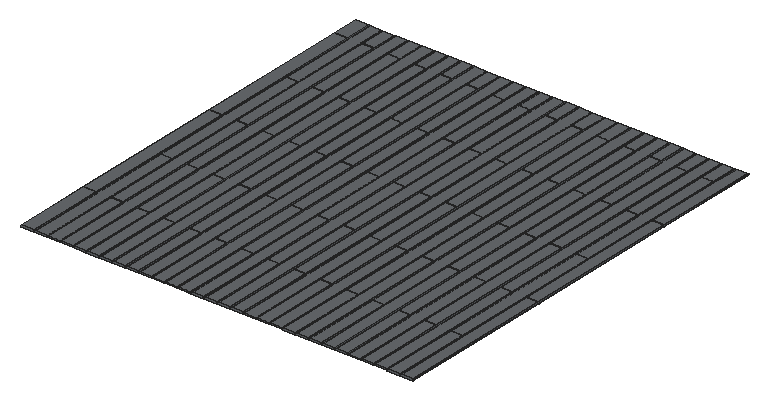
Revit family "2717-2, Veneer", category Generic Models, host Ceiling, Revit 2020
Family settings
  Host = Ceiling
  Can host rebar = No
  Round Connector Dimension = Use Diameter
  Part Type = Normal
  Always vertical = Yes
  Cut with Voids When Loaded = No
  Shared = No
  Room Calculation Point = No
Parameters
  OC SPACING [instance] = 0' - 6"  # constant formula
  PROJECT WIDTH [instance] = 15' - 0"
  PROJECT LENGTH [instance] = 16' - 0"
  PANELS COUNT 2 [instance] = rounddown((PROJECT LENGTH - .. MEMBER LENGTH 3) / .. MEMBER LENGTH 2)  # 2
  PANELS COUNT [instance] = rounddown(PROJECT LENGTH / .. MEMBER LENGTH 2)  # 2
  MEMBER WIDTH COUNT 2 [instance] = (PROJECT WIDTH / OC SPACING) / 2  # 15
  .. MEMBER WIDTH COUNT [instance] = (PROJECT WIDTH / OC SPACING) / 2  # 15
  .. MEMBER MATERIAL [instance] = 9WOOD WESTERN HEMLOCK
  .. MEMBER LENGTH 4 [instance] = ((PROJECT LENGTH - .. MEMBER LENGTH 3) - (PANELS COUNT 2 * .. MEMBER LENGTH 2))  # 1' - 0"
  .. MEMBER LENGTH 3 [instance] = .. MEMBER LENGTH 2 / 2  # 3' - 0"
  Default Elevation = 0' - 0"
  .. MEMBER WIDTH [instance] = OC SPACING + 0' 0 15/32"  # 0' - 6 15/32"
  .. MEMBER LENGTH 2 [instance] = 6' - 0"
  .. MEMBER LENGTH [instance] = PROJECT LENGTH - (PANELS COUNT * .. MEMBER LENGTH 2)  # 4' - 0"
  .. MEMBER DEPTH [instance] = 0' - 0 3/4"  # constant formula
Reference planes (in)
  plane 1 "Center (Front/Back)": y = 0
  plane 2 "Ceiling": z = 96
  plane 3 "Center (Left/Right)": x = 0
  plane 4: y = 72
  plane 5: y = 144
  plane 6: y = 108
  plane 7: y = 36
  plane 8: y = 192
  plane 9: y = 144
  plane 10: y = 180
  plane 11: x = 180
  plane 12: x = 6
Dimensions and locks (in)
  equal spacing: host sketch curve, plane 3 "Center (Left/Right)", host sketch curve
  equal spacing: host sketch curve, plane 1 "Center (Front/Back)", host sketch curve
  host sketch curve to host sketch curve = 10' - 0"  (x2)
  group 1 to group 2 = 0' - 0"  (x2)
  group 1 to group 2 = 6' - 0"
  ".. MEMBER LENGTH 2": plane 5 to plane 4
  ".. MEMBER LENGTH 2": plane 6 to plane 7
  "PROJECT LENGTH": plane 1 "Center (Front/Back)" to plane 8
  group 3 to group 4 = 0' - 0"  (x2)
  group 3 to group 4 = 6' - 0"
  ".. MEMBER LENGTH 3": plane 1 "Center (Front/Back)" to plane 7
  ".. MEMBER LENGTH 2": plane 1 "Center (Front/Back)" to plane 4
  ".. MEMBER LENGTH": plane 8 to plane 9
  ".. MEMBER LENGTH 4": plane 8 to plane 10
  "PROJECT WIDTH": plane 3 "Center (Left/Right)" to plane 11
  "OC SPACING": plane 3 "Center (Left/Right)" to plane 12
  aligned and locked: plane 1 "Center (Front/Back)" to nested 1
  aligned and locked: plane 4 to nested 2
  aligned and locked: nested 4 to plane 4
  aligned and locked: plane 7 to nested 3
  aligned and locked: plane 6 to nested 3
  aligned and locked: nested 6 to plane 6
  aligned and locked: nested 5 to plane 9
  aligned and locked: nested 7 to plane 10
  aligned and locked: plane 12 to nested 2
  aligned and locked: plane 12 to nested 4
  aligned and locked: plane 12 to nested 5
Nested families (in)
  nested 1: "(COPY 1) 2300 STAGGERED" at (0, 0, 85.44644), .. MEMBER DEPTH <- ".. MEMBER DEPTH", .. MEMBER WIDTH <- ".. MEMBER WIDTH", MEMBER LENGTH <- ".. MEMBER LENGTH 3", REVEAL <- "OC SPACING", MEMBER 1 COUNT <- ".. MEMBER WIDTH COUNT", .. MEMBER MATERIAL <- ".. MEMBER MATERIAL", type "(COPY 1) 2300 STAGGERED"
    with REVEAL X2 1' - 0", REVEAL 0' - 6", MEMBER LENGTH 2 1' - 6", MEMBER LENGTH 3' - 0", MEMBER COUNT 2 5, MEMBER 1 COUNT 15, INDENT 0' - 0 5/8", .. MEMBER WIDTH 0' - 6 15/32", .. MEMBER MATERIAL 9WOOD WESTERN HEMLOCK, .. MEMBER DEPTH 0' - 0 3/4"
  nested 2: "(COPY 1) 2300 STAGGERED" at (6, 0, 85.44644), .. MEMBER DEPTH <- ".. MEMBER DEPTH", .. MEMBER WIDTH <- ".. MEMBER WIDTH", MEMBER LENGTH <- ".. MEMBER LENGTH 2", MEMBER 1 COUNT <- "MEMBER WIDTH COUNT 2", REVEAL <- "OC SPACING", .. MEMBER MATERIAL <- ".. MEMBER MATERIAL", type "(COPY 1) 2300 STAGGERED"
    with REVEAL X2 1' - 0", REVEAL 0' - 6", MEMBER LENGTH 2 3' - 0", MEMBER LENGTH 6' - 0", MEMBER COUNT 2 5, MEMBER 1 COUNT 15, INDENT 0' - 0 5/8", .. MEMBER WIDTH 0' - 6 15/32", .. MEMBER MATERIAL 9WOOD WESTERN HEMLOCK, .. MEMBER DEPTH 0' - 0 3/4"
  nested 3: "(COPY 1) 2300 STAGGERED" at (0, 36, 85.44644), .. MEMBER DEPTH <- ".. MEMBER DEPTH", .. MEMBER WIDTH <- ".. MEMBER WIDTH", MEMBER LENGTH <- ".. MEMBER LENGTH 2", MEMBER 1 COUNT <- ".. MEMBER WIDTH COUNT", REVEAL <- "OC SPACING", .. MEMBER MATERIAL <- ".. MEMBER MATERIAL", type "(COPY 1) 2300 STAGGERED"
    with REVEAL X2 1' - 0", REVEAL 0' - 6", MEMBER LENGTH 2 3' - 0", MEMBER LENGTH 6' - 0", MEMBER COUNT 2 5, MEMBER 1 COUNT 15, INDENT 0' - 0 5/8", .. MEMBER WIDTH 0' - 6 15/32", .. MEMBER MATERIAL 9WOOD WESTERN HEMLOCK, .. MEMBER DEPTH 0' - 0 3/4"
  nested 4: "(COPY 1) 2300 STAGGERED" at (6, 72, 85.44644), .. MEMBER DEPTH <- ".. MEMBER DEPTH", .. MEMBER WIDTH <- ".. MEMBER WIDTH", MEMBER LENGTH <- ".. MEMBER LENGTH 2", MEMBER 1 COUNT <- "MEMBER WIDTH COUNT 2", REVEAL <- "OC SPACING", .. MEMBER MATERIAL <- ".. MEMBER MATERIAL", type "(COPY 1) 2300 STAGGERED"
    with REVEAL X2 1' - 0", REVEAL 0' - 6", MEMBER LENGTH 2 3' - 0", MEMBER LENGTH 6' - 0", MEMBER COUNT 2 5, MEMBER 1 COUNT 15, INDENT 0' - 0 5/8", .. MEMBER WIDTH 0' - 6 15/32", .. MEMBER MATERIAL 9WOOD WESTERN HEMLOCK, .. MEMBER DEPTH 0' - 0 3/4"
  nested 5: "(COPY 1) 2300 STAGGERED" at (6, 144, 85.44644), .. MEMBER DEPTH <- ".. MEMBER DEPTH", .. MEMBER WIDTH <- ".. MEMBER WIDTH", MEMBER LENGTH <- ".. MEMBER LENGTH", REVEAL <- "OC SPACING", MEMBER 1 COUNT <- "MEMBER WIDTH COUNT 2", .. MEMBER MATERIAL <- ".. MEMBER MATERIAL", type "(COPY 1) 2300 STAGGERED"
    with REVEAL X2 1' - 0", REVEAL 0' - 6", MEMBER LENGTH 2 2' - 0", MEMBER LENGTH 4' - 0", MEMBER COUNT 2 5, MEMBER 1 COUNT 15, INDENT 0' - 0 5/8", .. MEMBER WIDTH 0' - 6 15/32", .. MEMBER MATERIAL 9WOOD WESTERN HEMLOCK, .. MEMBER DEPTH 0' - 0 3/4"
  nested 6: "(COPY 1) 2300 STAGGERED" at (0, 108, 85.44644), .. MEMBER DEPTH <- ".. MEMBER DEPTH", .. MEMBER WIDTH <- ".. MEMBER WIDTH", MEMBER LENGTH <- ".. MEMBER LENGTH 2", MEMBER 1 COUNT <- ".. MEMBER WIDTH COUNT", REVEAL <- "OC SPACING", .. MEMBER MATERIAL <- ".. MEMBER MATERIAL", type "(COPY 1) 2300 STAGGERED"
    with REVEAL X2 1' - 0", REVEAL 0' - 6", MEMBER LENGTH 2 3' - 0", MEMBER LENGTH 6' - 0", MEMBER COUNT 2 5, MEMBER 1 COUNT 15, INDENT 0' - 0 5/8", .. MEMBER WIDTH 0' - 6 15/32", .. MEMBER MATERIAL 9WOOD WESTERN HEMLOCK, .. MEMBER DEPTH 0' - 0 3/4"
  nested 7: "(COPY 1) 2300 STAGGERED" at (0, 180, 85.44644), .. MEMBER DEPTH <- ".. MEMBER DEPTH", .. MEMBER WIDTH <- ".. MEMBER WIDTH", MEMBER LENGTH <- ".. MEMBER LENGTH 4", REVEAL <- "OC SPACING", MEMBER 1 COUNT <- ".. MEMBER WIDTH COUNT", .. MEMBER MATERIAL <- ".. MEMBER MATERIAL", type "(COPY 1) 2300 STAGGERED"
    with REVEAL X2 1' - 0", REVEAL 0' - 6", MEMBER LENGTH 2 0' - 6", MEMBER LENGTH 1' - 0", MEMBER COUNT 2 3, MEMBER 1 COUNT 15, INDENT 0' - 0 5/8", .. MEMBER WIDTH 0' - 6 15/32", .. MEMBER MATERIAL 9WOOD WESTERN HEMLOCK, .. MEMBER DEPTH 0' - 0 3/4"
Definition of nested family "(COPY 1) 2300 STAGGERED"
  Parameters (values of type "(COPY 1) 2300 STAGGERED")
    REVEAL X2 [instance] = REVEAL * 2  # 0' - 8"
    REVEAL [instance] = 0' - 4"
    MEMBER LENGTH 2 [instance] = MEMBER LENGTH / 2  # 3' - 0"
    MEMBER LENGTH [instance] = 6' - 0"
    MEMBER COUNT 2 [instance] = 5
    MEMBER 1 COUNT [instance] = 5
    INDENT [instance] = 0' - 0 5/8"
    Default Elevation = 0' - 0"
    .. MEMBER WIDTH [instance] = 0' - 3 1/4"
    .. MEMBER MATERIAL [instance] = none
    .. MEMBER DEPTH [instance] = 0' - 0 3/4"
  Reference planes (in)
    plane 1 "Center (Front/Back)": y = 0
    plane 2: z = 0
    plane 3 "Center (Left/Right)": x = 0
    plane 4: x = 8
    plane 5: x = 4
    plane 6: x = 12
  Dimensions and locks (in)
    "REVEAL X2": plane 3 "Center (Left/Right)" to plane 4
    "REVEAL": plane 3 "Center (Left/Right)" to plane 5
    "REVEAL X2": plane 5 to plane 6
    equal spacing: group 1, group 2, group 3, group 4, group 5  (x3)
    aligned and locked: plane 2 to level
    aligned and locked: plane 1 "Center (Front/Back)" to nested 1
    aligned and locked: plane 3 "Center (Left/Right)" to nested 1
    aligned and locked: plane 4 to nested 2
  Nested families (in)
    nested 1: "2300 DEV" at (-0.42392, 0, 0), MEMBER LENGTH <- "MEMBER LENGTH", MEMBER MATERIAL <- ".. MEMBER MATERIAL", MEMBER WIDTH <- ".. MEMBER WIDTH", type "2300 DEV"
      with MEMBER WIDTH 0' - 3 1/4", MEMBER MATERIAL none, MEMBER LENGTH 6' - 0", EXTRUSION -6' - 0"
    nested 2: "2300 DEV" at (7.57608, 0, 0), MEMBER LENGTH <- "MEMBER LENGTH", MEMBER MATERIAL <- ".. MEMBER MATERIAL", MEMBER WIDTH <- ".. MEMBER WIDTH", type "2300 DEV"
      with MEMBER WIDTH 0' - 3 1/4", MEMBER MATERIAL none, MEMBER LENGTH 6' - 0", EXTRUSION -6' - 0"
    nested 3: "2300 DEV" at (15.57608, 0, 0), MEMBER LENGTH <- "MEMBER LENGTH", MEMBER MATERIAL <- ".. MEMBER MATERIAL", MEMBER WIDTH <- ".. MEMBER WIDTH", type "2300 DEV"
      with MEMBER WIDTH 0' - 3 1/4", MEMBER MATERIAL none, MEMBER LENGTH 6' - 0", EXTRUSION -6' - 0"
    nested 4: "2300 DEV" at (23.57608, 0, 0), MEMBER LENGTH <- "MEMBER LENGTH", MEMBER MATERIAL <- ".. MEMBER MATERIAL", MEMBER WIDTH <- ".. MEMBER WIDTH", type "2300 DEV"
      with MEMBER WIDTH 0' - 3 1/4", MEMBER MATERIAL none, MEMBER LENGTH 6' - 0", EXTRUSION -6' - 0"
    nested 5: "2300 DEV" at (31.57608, 0, 0), MEMBER LENGTH <- "MEMBER LENGTH", MEMBER MATERIAL <- ".. MEMBER MATERIAL", MEMBER WIDTH <- ".. MEMBER WIDTH", type "2300 DEV"
      with MEMBER WIDTH 0' - 3 1/4", MEMBER MATERIAL none, MEMBER LENGTH 6' - 0", EXTRUSION -6' - 0"
  Definition of nested family "2300 DEV"
    Parameters (values of type "2300 DEV")
      MEMBER WIDTH [instance] = 0' - 2 1/4"
      MEMBER MATERIAL [instance] = none
      MEMBER LENGTH [instance] = 2' - 6"
      EXTRUSION [instance] = -1 * MEMBER LENGTH  # -2' - 6"
      Default Elevation = 0' - 0"
    Reference planes (in)
      plane 1 "Center (Front/Back)": y = 0
      plane 2: z = 10.55356
      plane 3 "Center (Left/Right)": x = 0
      plane 4: y = 30
      plane 5: z = 10.55356
      plane 6: x = 0.42392
      plane 7: x = 2.67392
      plane 8: x = 2.9446
    Forms (in)
      Extrusion 1, void, not visible
        sketch origin (-0.375, 0, 0) x (1, 0, 0) y (0, 0, 1)
          loop
            line (4.125, 11.30356) -> (4.125, 11.17856) -> (4.0625, 11.11606) -> (3.75, 11.11606) -> (3.75, 10.92856) -> (4.25, 10.92856) -> (4.65478, 10.92856) -> (4.65478, 11.30356) -> (4.25, 11.30356) -> (4.125, 11.30356)
        from 0 to 30
      Extrusion 2, void, not visible
        sketch origin (4.5, 0, 0) x (-1, 0, 0) y (0, 0, 1)
          loop
            line (4.5, 11.30356) -> (4.25, 11.30356) -> (4.25, 11.17856) -> (4.1875, 11.11606) -> (3.875, 11.11606) -> (3.875, 10.92856) -> (4.78125, 10.92856) -> (4.78125, 11.30356) -> (4.5, 11.30356)
        from 0 to 30
      Extrusion 3, void, not visible
        sketch origin (0, 0, 0) x (1, 0, 0) y (0, 0, 1)
          loop
            line (2.53125, 10.55356) -> (2, 10.55356) -> (2, 10.42856) -> (1.9375, 10.36606) -> (1.625, 10.36606) -> (1.625, 10.17856) -> (2.53125, 10.17856) -> (2.53125, 10.55356)
        from 0 to 12
      Extrusion 4, void, not visible
        sketch origin (0, 0, 0) x (1, 0, 0) y (0, 0, 1)
          loop
            line (8.60291, 10.17856) -> (8.60291, 9.99106) -> (8.54041, 9.92856) -> (9.17917, 9.92856) -> (9.17917, 10.55356) -> (8.56291, 10.55356) -> (8.56291, 10.38856) -> (8.80041, 10.38856)
            arc (8.80041, 10.38856) -> (8.8446, 10.37025) -> (8.86291, 10.32606) r 0.0625
            line (8.86291, 10.32606) -> (8.86291, 10.24106)
            arc (8.86291, 10.24106) -> (8.8446, 10.19686) -> (8.80041, 10.17856) r 0.0625
            line (8.80041, 10.17856) -> (8.60291, 10.17856)
        from 0 to -30
      Extrusion 5, void, not visible
        sketch origin (-0.54718, 0, 0) x (1, 0, 0) y (0, 0, 1)
          loop
            line (8.60291, 10.17856) -> (8.60291, 9.99106) -> (8.60291, 9.52296) -> (9.17917, 9.52296) -> (9.17917, 9.92856) -> (9.17917, 10.55356) -> (8.56291, 10.55356) -> (8.56291, 10.38856) -> (8.80041, 10.38856)
            arc (8.80041, 10.38856) -> (8.8446, 10.37025) -> (8.86291, 10.32606) r 0.0625
            line (8.86291, 10.32606) -> (8.86291, 10.24106)
            arc (8.86291, 10.24106) -> (8.8446, 10.19686) -> (8.80041, 10.17856) r 0.0625
            line (8.80041, 10.17856) -> (8.60291, 10.17856)
        from 0 to -30 <- "EXTRUSION"
      Extrusion 6, void, not visible
        sketch origin (-5.34896, -6, 0) x (1, 0, 0) y (0, 0, 1)
          loop
            line (5.92291, 10.42856) -> (5.60328, 10.42856) -> (5.60328, 10.55356) -> (5.34896, 10.55356) -> (5.34896, 9.92856) -> (5.34896, 9.52296) -> (5.60291, 9.52296) -> (5.60291, 9.99136) -> (5.60291, 10.17856) -> (5.92291, 10.17856) -> (5.92291, 10.42856)
        from 0 to -30 <- "EXTRUSION"
      Extrusion 7, void
        sketch origin (-5.44511, 0, 0) x (1, 0, 0) y (0, 0, 1)
          loop
            line (8.11903, 10.67856) -> (8.11903, 10.55356) -> (7.74403, 10.55356) -> (7.74403, 10.49356) -> (8.11903, 10.49356) -> (8.11903, 10.36606) -> (7.61903, 10.36606) -> (7.61903, 10.17856) -> (7.83778, 10.17856) -> (7.83778, 9.94418) -> (7.59973, 9.70614) -> (8.38971, 9.70614) -> (8.38971, 10.67856) -> (8.11903, 10.67856)
        from 0 to -30 <- "EXTRUSION"
      Extrusion 8, solid, material <- "MEMBER MATERIAL"
        sketch origin (-4.22636, 0, 0) x (1, 0, 0) y (0, 0, 1)
          loop
            line (4.65028, 10.67856) -> (4.65028, 9.92856) -> (6.90028, 9.92856) -> (6.90028, 10.67856) -> (4.65028, 10.67856)
        from 0 to -30
      Extrusion 9, void, not visible
        sketch origin (1.21875, 0, 0) x (1, 0, 0) y (0, 0, 1)
          loop
            line (11.11903, 10.67856) -> (11.11903, 10.55356) -> (10.74403, 10.55356) -> (10.74403, 10.49356) -> (11.11903, 10.49356) -> (11.11903, 10.36606) -> (10.61903, 10.36606) -> (10.61903, 10.17856) -> (10.83778, 10.17856) -> (10.83778, 9.94418) -> (10.59973, 9.70614) -> (11.38971, 9.70614) -> (11.38971, 10.67856) -> (11.11903, 10.67856)
        from 0 to -30 <- "EXTRUSION"
      Extrusion 10, void
        sketch origin (-4.22636, 0, 0) x (1, 0, 0) y (0, 0, 1)
          loop
            line (5.15028, 10.67856) -> (4.22636, 10.67856) -> (4.22636, 9.70614) -> (5.13833, 9.70614) -> (4.90028, 9.94418) -> (4.90028, 10.17856) -> (4.65028, 10.17856) -> (4.65028, 10.33481) -> (5.15028, 10.33481) -> (5.15028, 10.67856)
        from 0 to -30 <- "EXTRUSION"
      Extrusion 11, void, not visible
        sketch origin (-8.44511, 0, 0) x (1, 0, 0) y (0, 0, 1)
          loop
            line (11.11903, 10.67856) -> (11.11903, 10.55356) -> (10.74403, 10.55356) -> (10.74403, 10.49356) -> (11.11903, 10.49356) -> (11.11903, 10.36606) -> (10.61903, 10.36606) -> (10.61903, 10.17856) -> (10.83778, 10.17856) -> (10.83778, 9.94418) -> (10.59973, 9.70614) -> (11.38971, 9.70614) -> (11.38971, 10.67856) -> (11.11903, 10.67856)
        from 0 to -30 <- "EXTRUSION"
    Cuts and joins
      Extrusion 7, Extrusion 10 cuts Extrusion 8
    Lines and regions (in)
      model lines, not visible
        curve 1: line (9.45582, 0, 10.55356) -> (14.70582, 0, 10.55356)
        curve 2: line (14.70582, 0, 10.55356) -> (14.70582, 0, 10.92856)
        curve 3: line (14.70582, 0, 10.92856) -> (14.20582, 0, 10.92856)
        curve 4: line (14.20582, 0, 10.92856) -> (14.20582, 0, 11.11606)
        curve 5: line (14.20582, 0, 11.11606) -> (14.51832, 0, 11.11606)
        curve 6: line (14.58082, 0, 11.30356) -> (14.58082, 0, 11.17856)
        curve 7: line (14.58082, 0, 11.17856) -> (14.51832, 0, 11.11606)
        curve 8: line (14.58082, 0, 11.30356) -> (9.58082, 0, 11.30356)
        curve 9: line (9.45582, 0, 10.55356) -> (9.45582, 0, 10.92856)
        curve 10: line (9.45582, 0, 10.92856) -> (9.95582, 0, 10.92856)
        curve 11: line (9.95582, 0, 10.92856) -> (9.95582, 0, 11.11606)
        curve 12: line (9.95582, 0, 11.11606) -> (9.64332, 0, 11.11606)
        curve 13: line (9.58082, 0, 11.30356) -> (9.58082, 0, 11.17856)
        curve 14: line (9.58082, 0, 11.17856) -> (9.64332, 0, 11.11606)
        curve 15: line (5.25, 0, 10.55356) -> (5.25, 0, 10.92856)
        curve 16: line (5.25, 0, 10.92856) -> (4.75, 0, 10.92856)
        curve 17: line (4.75, 0, 10.92856) -> (4.75, 0, 11.11606)
        curve 18: line (4.75, 0, 11.11606) -> (5.0625, 0, 11.11606)
        curve 19: line (5.125, 0, 11.30356) -> (5.125, 0, 11.17856)
        curve 20: line (5.125, 0, 11.17856) -> (5.0625, 0, 11.11606)
    Dimensions and locks (in)
      "MEMBER LENGTH": plane 1 "Center (Front/Back)" to plane 4
      locked: plane 8 to plane 7 at 0.27068
      "MEMBER WIDTH": plane 7 to plane 6
      locked: plane 6 to plane 3 "Center (Left/Right)" at 0.42392
      aligned and locked: level to plane 2
      aligned and locked: plane 6 to Extrusion 8
      aligned and locked: plane 7 to Extrusion 8
      aligned and locked: plane 4 to Extrusion 8
      aligned and locked: plane 8 to cut or joined group of Extrusion 7, Extrusion 8, Extrusion 10
      aligned and locked: plane 7 to cut or joined group of Extrusion 7, Extrusion 8, Extrusion 10
    Automatic sketch dimensions
      Extrusion 1 sketch curve to Extrusion 1 sketch curve = 0' - 0 1/16"  (x2)
      Extrusion 1 sketch curve to Extrusion 1 sketch curve = 0' - 0.40478"
      Extrusion 1 sketch curve to Extrusion 1 sketch curve = 0' - 0 3/16"  (x2)
      Extrusion 1 sketch curve to Extrusion 1 sketch curve = 0' - 0 1/8"  (x2)
      Extrusion 1 sketch curve to Extrusion 1 sketch curve = 0' - 0 5/16"
      Extrusion 2 sketch curve to Extrusion 2 sketch curve = 0' - 0 3/16"  (x2)
      Extrusion 2 sketch curve to Extrusion 2 sketch curve = 0' - 0 1/16"  (x2)
      Extrusion 2 sketch curve to Extrusion 2 sketch curve = 0' - 0 9/32"
      Extrusion 2 sketch curve to Extrusion 2 sketch curve = 0' - 0 1/4"
      Extrusion 2 sketch curve to Extrusion 2 sketch curve = 0' - 0 5/16"
      Extrusion 3 sketch curve to Extrusion 3 sketch curve = 0' - 0 5/16"
      Extrusion 3 sketch curve to Extrusion 3 sketch curve = 0' - 0 1/16"  (x2)
      Extrusion 3 sketch curve to Extrusion 3 sketch curve = 0' - 0 3/16"
      Extrusion 3 sketch curve to Extrusion 3 sketch curve = 0' - 0 17/32"
      Extrusion 3 sketch curve to Extrusion 3 sketch curve = 0' - 0 3/8"
      Extrusion 4 sketch curve to Extrusion 4 sketch curve = 0' - 0 1/16"  (x4)
      Extrusion 4 sketch curve to Extrusion 4 sketch curve = 0' - 0.1975"
      Extrusion 4 sketch curve to Extrusion 4 sketch curve = 0' - 0.2375"
      Extrusion 4 sketch curve to Extrusion 4 sketch curve = 0' - 0.085"
      Extrusion 4 sketch curve to Extrusion 4 sketch curve = 0' - 0 3/16"
      Extrusion 4 sketch curve to Extrusion 4 sketch curve = 0' - 0.31626"
      Extrusion 4 sketch curve to Extrusion 4 sketch curve = 0' - 0.2275"
      Extrusion 5 sketch curve to Extrusion 5 sketch curve = 0' - 0.04"
      Extrusion 5 sketch curve to Extrusion 5 sketch curve = 0' - 0.2375"
      Extrusion 5 sketch curve to Extrusion 5 sketch curve = 0' - 0"
      Extrusion 5 sketch curve to Extrusion 5 sketch curve = 0' - 0 1/16"
      Extrusion 5 sketch curve to Extrusion 5 sketch curve = 0' - 0.31626"
      Extrusion 5 sketch curve to Extrusion 5 sketch curve = 0' - 0.4681"
      Extrusion 5 sketch curve to Extrusion 5 sketch curve = 0' - 0 3/16"
      Extrusion 5 sketch curve to Extrusion 5 sketch curve = 0' - 0.085"
      Extrusion 5 sketch curve to Extrusion 5 sketch curve = 0' - 0.2275"
      Extrusion 5 sketch curve to Extrusion 5 sketch curve = 0' - 0.4056"
      Extrusion 6 sketch curve to Extrusion 6 sketch curve = 0' - 0.25395"
      Extrusion 6 sketch curve to Extrusion 6 sketch curve = 0' - 0.25432"
      Extrusion 6 sketch curve to Extrusion 6 sketch curve = 0' - 0.32"
      Extrusion 6 sketch curve to Extrusion 6 sketch curve = 0' - 0.4056"
      Extrusion 6 sketch curve to Extrusion 6 sketch curve = 0' - 0.06281"
      Extrusion 6 sketch curve to Extrusion 6 sketch curve = 0' - 0.18719"
      Extrusion 6 sketch curve to Extrusion 6 sketch curve = 0' - 0 1/4"
      Extrusion 6 sketch curve to Extrusion 6 sketch curve = 0' - 0 1/8"
      Extrusion 7 sketch curve to Extrusion 7 sketch curve = 0' - 0.0193"
      Extrusion 7 sketch curve to Extrusion 7 sketch curve = 0' - 0 1/8"  (x2)
      Extrusion 7 sketch curve to Extrusion 7 sketch curve = 0' - 0.23805"  (x2)
      Extrusion 7 sketch curve to Extrusion 7 sketch curve = 0' - 0 3/8"
      Extrusion 7 sketch curve to Extrusion 7 sketch curve = 0' - 0"
      Extrusion 7 sketch curve to Extrusion 7 sketch curve = 0' - 0.55193"
      Extrusion 8 sketch curve to Extrusion 8 sketch curve = 0' - 2 1/4"
      level to Extrusion 8 sketch curve = 0' - 0 1/8"
      Extrusion 7 sketch curve to Extrusion 7 sketch curve = 0' - 0 15/64"
      Extrusion 7 sketch curve to Extrusion 7 sketch curve = 0' - 0 3/16"
      Extrusion 7 sketch curve to Extrusion 7 sketch curve = 0' - 0.1275"
      Extrusion 7 sketch curve to Extrusion 7 sketch curve = 0' - 0.06"
      Extrusion 9 sketch curve to Extrusion 9 sketch curve = 0' - 0.0193"
      Extrusion 9 sketch curve to Extrusion 9 sketch curve = 0' - 0 1/8"  (x2)
      Extrusion 9 sketch curve to Extrusion 9 sketch curve = 0' - 0.23805"  (x2)
      Extrusion 9 sketch curve to Extrusion 9 sketch curve = 0' - 0 3/8"
      Extrusion 9 sketch curve to Extrusion 9 sketch curve = 0' - 0"
      Extrusion 9 sketch curve to Extrusion 9 sketch curve = 0' - 0.55193"
      Extrusion 9 sketch curve to Extrusion 9 sketch curve = 0' - 0 15/64"
      Extrusion 9 sketch curve to Extrusion 9 sketch curve = 0' - 0 3/16"
      Extrusion 9 sketch curve to Extrusion 9 sketch curve = 0' - 0.1275"
      Extrusion 9 sketch curve to Extrusion 9 sketch curve = 0' - 0.06"
      Extrusion 10 sketch curve to plane 6 = 0' - 0"
      plane 6 to Extrusion 10 sketch curve = 0' - 0 1/4"
      Extrusion 10 sketch curve to Extrusion 10 sketch curve = 0' - 0.23805"  (x2)
      level to Extrusion 10 sketch curve = 0' - 0 1/8"
      plane 6 to Extrusion 10 sketch curve = 0' - 0 1/2"
      Extrusion 8 sketch curve to plane 6 = 0' - 0"
      Extrusion 10 sketch curve to Extrusion 10 sketch curve = 0' - 0 15/64"
      Extrusion 10 sketch curve to level = 0' - 0 7/32"
      Extrusion 8 sketch curve to level = 0' - 0 5/8"
      Extrusion 10 sketch curve to Extrusion 10 sketch curve = 0' - 0 5/32"
      Extrusion 10 sketch curve to plane 3 "Center (Left/Right)" = 0' - 0"
      Extrusion 11 sketch curve to Extrusion 11 sketch curve = 0' - 0.0193"
      Extrusion 11 sketch curve to Extrusion 11 sketch curve = 0' - 0 1/8"  (x2)
      Extrusion 11 sketch curve to Extrusion 11 sketch curve = 0' - 0.23805"  (x2)
      Extrusion 11 sketch curve to Extrusion 11 sketch curve = 0' - 0 3/8"
      Extrusion 11 sketch curve to Extrusion 11 sketch curve = 0' - 0"
      Extrusion 11 sketch curve to Extrusion 11 sketch curve = 0' - 0.55193"
      Extrusion 11 sketch curve to Extrusion 11 sketch curve = 0' - 0 15/64"
      Extrusion 11 sketch curve to Extrusion 11 sketch curve = 0' - 0 3/16"
      Extrusion 11 sketch curve to Extrusion 11 sketch curve = 0' - 0.1275"
      Extrusion 11 sketch curve to Extrusion 11 sketch curve = 0' - 0.06"
      Extrusion 7 sketch curve to level = 0' - 0"
      Extrusion 7 sketch curve to plane 7 = 0' - 0"
